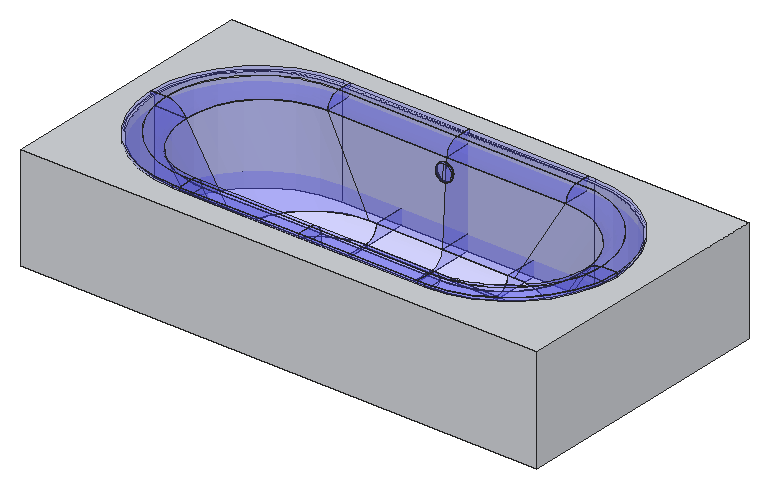
Revit family "Bath N1", category Sanitärinstallationen, Revit 2012
Parameters
  Block = none
  Badewanne Schürze = none
Reference planes
  plane 1 "Mitte (Vorne/hinten)": y = 0
  plane 2: z = 0
  plane 3 "Mitte (Links/rechts)": x = 0
Forms (mm)
  Extrusion 1, solid, material <- "Block"
    sketch origin (0, 0, 0) x (1, 0, 0) y (0, 1, 0)
      loop
        arc (915, 0) -> (793.449, 293.449) -> (500, 415) r 415
        line (500, 415) -> (-500, 415)
        arc (-500, 415) -> (-793.449, 293.449) -> (-915, 0) r 415
        arc (-915, 0) -> (-793.449, -293.449) -> (-500, -415) r 415
        line (-500, -415) -> (500, -415)
        arc (500, -415) -> (793.449, -293.449) -> (915, 0) r 415
      loop
        line (-1025, 525) -> (-1025, -525) -> (1025, -525) -> (1025, 525) -> (-1025, 525)
    from 0 to 415
  Extrusion 2, void
    sketch origin (0, 0, 0) x (1, 0, 0) y (0, 1, 0)
      loop
        arc (-915, 0) -> (-793.449, -293.449) -> (-500, -415) r 415
        line (-500, -415) -> (500, -415)
        arc (500, -415) -> (793.449, -293.449) -> (915, 0) r 415
        arc (915, 0) -> (793.449, 293.449) -> (500, 415) r 415
        line (500, 415) -> (-500, 415)
        arc (-500, 415) -> (-793.449, 293.449) -> (-915, 0) r 415
    from 0 to 379.866
  Revolve 3, solid, material "Badewanne Chrom"
    sketch origin (0, 0, 0) x (0, 0, -1) y (0, 1, 0)
      loop
        line (-330.557, 305.28) -> (-363.473, 307.631)
        arc (-363.473, 307.631) -> (-364.925, 307.148) -> (-365.61, 305.779) r 2
        line (-365.61, 305.779) -> (-365.959, 300.894)
        arc (-365.959, 300.894) -> (-365.283, 298.369) -> (-363.193, 296.801) r 4
        arc (-363.193, 296.801) -> (-347.579, 292.797) -> (-331.599, 290.688) r 134.629
        line (-331.599, 290.688) -> (-330.557, 305.28)
      axis (-331.599, 290.688) -> (-330.557, 305.28)
    angle from 0 to 360
Cuts and joins
  Extrusion 2 cuts Extrusion 1
Lines and regions (mm)
  reference lines
    curve 1: line (0, 309.773, 360.312) -> (0, 210.027, 367.437)
    curve 2: line (0, 307.636, 330.388) -> (0, 207.89, 337.513)
Dimensions and locks
  aligned and locked: level to plane 2
Nested families
  nested 1: "test badewanne T1" at (0, 0, 0), type "test badewanne T1"
  nested 2: "test badewanne T1" at (0, 0, 0), type "test badewanne T1"
  nested 3: "test badewanne T1" at (0, 0, 0) x (-1, 0, 0) z (0, 0, 1), type "test badewanne T1"
  nested 4: "test badewanne T1" at (0, 0, 0) x (-1, 0, 0) z (0, 0, 1), type "test badewanne T1"
Connectors
  piping at (0, 0, 0)
    settings: on cut or joined group of Extrusion 1, Extrusion 2, index 1, connector radius 26 mm, flow factor 0, pipe flow 0.0 L/s, pressure drop 0.0 Pa, fitting loss kfactor 0, connector angle 0.00°, fixture units 0, engagement length 0 mm, flow configuration 0, flow direction 0, fitting loss method 0, system type 16, joint type 0, gender type 0, connector reference index -1, connector utility 0, adjustable connector no, is connector primary yes, fitting loss table "", connector description ""
Definition of nested family "test badewanne T1"
  Reference planes
    plane 1 "Mitte (Vorne/hinten)": y = 0
    plane 2: z = 0
    plane 3 "Mitte (Links/rechts)": x = 0
    plane 4: x = 925
    plane 5: y = 425
    plane 6: x = -925
    plane 7: y = -425
    plane 8: y = -365
    plane 9: y = 365
    plane 10: x = -865
    plane 11: x = 865
    plane 12: y = 235
    plane 13: y = -235
    plane 14: x = 505
    plane 15: x = -505
    plane 16: z = 10
    plane 17: z = 430
  Forms (mm)
    SweptBlend 1, void
      path in 3D
        loop
          arc (496.008, 0, 10) -> (427.178, 166.17, 10) -> (261.008, 235, 10) r 235
      profile origin (496.008, 0, 10) x (-1, 0, 0) y (0, 0, 1)
        loop
          line (0, 0) -> (0, 105.9) -> (-105.9, 105.9)
          arc (-105.9, 105.9) -> (-74.883, 31.017) -> (0, 0) r 105.9
      end profile origin (261.008, 235, 10) x (0, -1, 0) y (0, 0, 1)
        loop
          line (0, 0) -> (0, 54) -> (-54, 54)
          arc (-54, 54) -> (-38.184, 15.816) -> (0, 0) r 54
    Extrusion 2, void
      sketch origin (261.008, 253, 46) x (0, 0, -1) y (0, 1, 0)
        loop
          line (-18, -18) -> (36, -18)
          arc (36, -18) -> (20.184, 20.184) -> (-18, 36) r 54
          line (-18, 36) -> (-18, -18)
      from 0 to -261.008
    SweptBlend 3, void
      path in 3D
        loop
          arc (783.949, 0, 379.866) -> (692.81, 220.03, 379.866) -> (472.779, 311.17, 379.866) r 311.17
      profile origin (783.949, 0, 379.866) x (-1, 0, 0) y (0, 0, 1)
        loop
          arc (-81.051, 50.134) -> (-34.687, 34.517) -> (-0.016, 0) r 107.693
          line (-0.016, 0) -> (50, 0) -> (50, 100.134) -> (-81.051, 100.134) -> (-81.051, 50.134)
      end profile origin (472.779, 311.17, 379.866) x (0, -1, 0) y (0, 0, 1)
        loop
          line (0, 0) -> (50, 0) -> (50, 100.134) -> (-53.83, 100.134) -> (-53.83, 50.134)
          arc (-53.83, 50.134) -> (-17.058, 35.65) -> (0, 0) r 54
    Blend 4, void
      base sketch origin (1058.841, 0, 379.866) x (1, 0, 0) y (0, 1, 0)
        loop
          line (-1058.841, 311.17) -> (-1058.841, 0) -> (-274.892, 0)
          arc (-274.892, 0) -> (-366.031, 220.03) -> (-586.061, 311.17) r 311.17
          line (-586.061, 311.17) -> (-1058.841, 311.17)
      top sketch origin (1003.841, 0, 60.15) x (1, 0, 0) y (0, 1, 0)
        loop
          line (-716.46, 288.333) -> (-1003.841, 288.333) -> (-1003.841, 0) -> (-417.79, 0)
          arc (-417.79, 0) -> (-508.891, 204.488) -> (-716.46, 288.333) r 298.856
      from 0 to 0
    Extrusion 5, void
      sketch origin (472.779, 312.702, 429.946) x (0, 1, 0) y (0, 0, 1)
        loop
          line (52.298, 50.054) -> (-51.532, 50.054) -> (-51.532, -50.08) -> (-1.532, -50.08)
          arc (-1.532, -50.08) -> (15.526, -14.43) -> (52.298, 0.054) r 54
          line (52.298, 0.054) -> (52.298, 50.054)
      from 0 to -472.779
    Extrusion 6, void
      sketch origin (505, 0, 10) x (1, 0, 0) y (0, 1, 0)
        loop
          arc (-8.992, 0) -> (-77.822, 166.17) -> (-243.992, 235) r 235
          line (-243.992, 235) -> (-390.061, 235) -> (-390.061, 0) -> (-8.992, 0)
      from 0 to 54
    Extrusion 7, solid, material "Badewanne Keramik"
      sketch origin (0, 0, 0) x (1, 0, 0) y (0, 0, 1)
        loop
          line (0, 379.866) -> (0, 60.15) -> (925, 60.15) -> (925, 379.866) -> (0, 379.866)
      from -425 to 0
    Extrusion 8, solid, material "Badewanne Keramik"
      sketch origin (0, 0, 0) x (1, 0, 0) y (0, 0, 1)
        loop
          line (0, 430) -> (0, 379.866) -> (472.779, 379.866) -> (472.779, 430) -> (0, 430)
      from -425 to -261.17
    Extrusion 9, solid, material "Badewanne Keramik"
      sketch origin (0, 0, 0) x (1, 0, 0) y (0, 0, 1)
        loop
          line (0, 60.15) -> (0, 0) -> (261.008, 0) -> (261.008, 60.15) -> (0, 60.15)
      from -425 to -235
    Extrusion 10, solid, material "Badewanne Keramik"
      sketch origin (0, 0, 0) x (1, 0, 0) y (0, 0, 1)
        loop
          line (261.008, 60.15) -> (261.008, 0) -> (925, 0) -> (925, 60.15) -> (261.008, 60.15)
      from -425 to 0
    Extrusion 11, solid, material "Badewanne Keramik"
      sketch origin (0, 0, 0) x (1, 0, 0) y (0, 1, 0)
        loop
          line (500, 425) -> (472.779, 425) -> (472.779, 311.17)
          arc (472.779, 311.17) -> (692.81, 220.03) -> (783.949, 0) r 311.17
          line (783.949, 0) -> (925, 0)
          arc (925, 0) -> (800.52, 300.52) -> (500, 425) r 425
      from 379.866 to 430
    Extrusion 12, solid, material "Badewanne Keramik"
      sketch origin (0, 0, 0) x (1, 0, 0) y (0, 1, 0)
        loop
          line (261.008, 235) -> (0, 235) -> (0, 0) -> (261.008, 0) -> (261.008, 235)
      from 0 to 10
    Extrusion 13, void
      sketch origin (0, 0, 0) x (1, 0, 0) y (0, 1, 0)
        loop
          line (925, 0) -> (980, 0) -> (980, 480) -> (500, 480) -> (500, 425)
          arc (500, 425) -> (800.52, 300.52) -> (925, 0) r 425
      from 0 to 430
    Extrusion 14, void
      sketch origin (-114.939, 0, 10) x (0, 1, 0) y (1, 0, 0)
        loop
          circle (0, 114.939) r 30
      from 5 to 0
    Revolve 15, solid, material "Ablauf Chrom"
      sketch origin (0, 0, 0) x (0, 1, 0) y (0, 0, -1)
        loop
          line (30, -5) -> (25, -5) -> (25, -9.306)
          arc (25, -9.306) -> (27.44, -10.083) -> (30, -10.05) r 8
          line (30, -10.05) -> (30, -5)
        loop
          line (26.01, -10.264) -> (0, -10.264) -> (0, -15.264)
          arc (0, -15.264) -> (13.104, -14.636) -> (26.01, -12.284) r 99.23
          line (26.01, -12.284) -> (26.01, -10.264)
        axis (0, -5) -> (0, -15.264)
      angle from 0 to 90
    Extrusion 16, void
      sketch origin (0, 0, 0) x (1, 0, 0) y (0, 1, 0)
        loop
          arc (925, 0) -> (800.52, 300.52) -> (500, 425) r 425
          line (500, 425) -> (0, 425) -> (0, 420) -> (500, 420)
          arc (500, 420) -> (796.985, 296.985) -> (920, 0) r 420
          line (920, 0) -> (925, 0)
      from 379.866 to 415
    Extrusion 17, void
      sketch origin (0, 0, 0) x (1, 0, 0) y (0, 1, 0)
        loop
          arc (925, 0) -> (800.52, 300.52) -> (500, 425) r 425
          line (500, 425) -> (0, 425) -> (0, 420) -> (500, 420)
          arc (500, 420) -> (796.985, 296.985) -> (920, 0) r 420
          line (920, 0) -> (925, 0)
      from 379.866 to 60.15
    Extrusion 18, void
      sketch origin (0, 0, 0) x (1, 0, 0) y (0, 1, 0)
        loop
          arc (925, 0) -> (800.52, 300.52) -> (500, 425) r 425
          line (500, 425) -> (0, 425) -> (0, 420) -> (500, 420)
          arc (500, 420) -> (796.985, 296.985) -> (920, 0) r 420
          line (920, 0) -> (925, 0)
      from 0 to 60.15
  Cuts and joins
    Extrusion 5, Extrusion 16, Extrusion 17 cuts Extrusion 8
    Blend 4, Extrusion 13, Extrusion 17, Extrusion 18 cuts Extrusion 7
    SweptBlend 1, Extrusion 6, Extrusion 13, Extrusion 18 cuts Extrusion 10
    Extrusion 2, Extrusion 18 cuts Extrusion 9
    SweptBlend 3, Extrusion 13, Extrusion 16, Extrusion 17 cuts Extrusion 11
    Extrusion 14 cuts Extrusion 12
  Lines and regions (mm)
    reference lines
      curve 1: line (500, 425, 430) -> (114.939, 425, 430)
      curve 2: arc (500, 425, 430) -> (800.52, 300.52, 430) -> (925, 0, 430) r 425
      curve 3: line (500, 365, 430) -> (114.939, 365, 430)
      curve 4: arc (500, 365, 430) -> (758.094, 258.094, 430) -> (865, 0, 430) r 365
      curve 5: line (114.939, 235, 10) -> (261.008, 235, 10)
      curve 6: line (114.939, 311.17, 379.866) -> (472.779, 311.17, 379.866)
      curve 7: line (114.939, 288.333, 60.15) -> (297.718, 288.333, 60.15)
      curve 8: arc (783.949, 0, 379.866) -> (692.81, 220.03, 379.866) -> (472.779, 311.17, 379.866) r 311.17
      curve 9: arc (297.718, 288.333, 60.15) -> (501.6, 203.882, 60.15) -> (586.051, 0, 60.15) r 288.333
      curve 12: line (500, 365, 430) -> (114.939, 365, 430)
      curve 13: arc (500, 365, 430) -> (758.094, 258.094, 430) -> (865, 0, 430) r 365
      curve 15: arc (496.008, 0, 10) -> (427.178, 166.17, 10) -> (261.008, 235, 10) r 235
    model lines
      curve 10: line (500, 425, 430) -> (0, 425, 430)
      curve 11: arc (500, 425, 430) -> (800.52, 300.52, 430) -> (925, 0, 430) r 425
      curve 14: arc (297.718, 288.333, 60.15) -> (501.6, 203.882, 60.15) -> (586.051, 0, 60.15) r 288.333
      curve 18: line (500, 365, 430) -> (0, 365, 430)
      curve 19: arc (500, 365, 430) -> (758.094, 258.094, 430) -> (865, 0, 430) r 365
      curve 20: line (297.718, 288.333, 60.15) -> (0, 288.333, 60.15)
      curve 21: line (925, 0, 430) -> (925, 0, 415)
      curve 22: arc (783.965, 0, 379.866) -> (818.636, 0, 414.383) -> (865, 0, 430) r 107.693
      curve 23: line (586.051, 0, 60.15) -> (783.949, 0, 379.866)
      curve 24: arc (496.107, 0, 10) -> (547.582, 0, 23.408) -> (586.045, 0, 60.15) r 105.902
      curve 25: line (261.008, 0, 10) -> (496.107, 0, 10)
      curve 26: line (261.008, 0, 10) -> (114.939, 0, 10)
      curve 27: line (865, 0, 430) -> (925, 0, 430)
      curve 28: line (0, 425, 430) -> (0, 425, 415)
      curve 29: line (0, 365, 430) -> (0, 425, 430)
      curve 30: arc (0, 311.17, 379.866) -> (0, 328.228, 415.516) -> (0, 365, 430) r 54
      curve 31: line (0, 311.17, 379.866) -> (0, 287.799, 52.674)
      curve 32: arc (0, 235, 10) -> (0, 268.944, 22.003) -> (0, 287.799, 52.674) r 54
      curve 33: line (0, 30, 10) -> (0, 235, 10)
    sketch lines
      curve 16: arc (496.008, 0, 10) -> (427.178, 166.17, 10) -> (261.008, 235, 10) r 235
      curve 17: arc (783.949, 0, 379.866) -> (692.81, 220.03, 379.866) -> (472.779, 311.17, 379.866) r 311.17
  Dimensions and locks
    plane 6 to plane 4 = 1850 mm
    aligned and locked: level to plane 2
